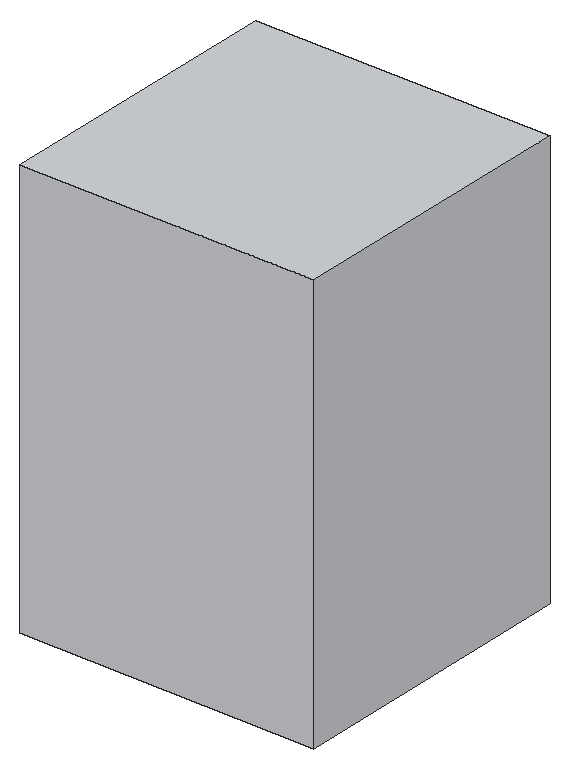
Revit family "Conexão de esgoto sanitário_M", category Terreno, Revit 2019
Family settings
  Cota do conector redondo = Usar raio
  Tipo de parte = Normal
  ID de item do Seek = Sanitary Sewer Connection-0000-CAN-ENU
  Com base no plano de trabalho = Não
  Sempre na vertical = Sim
  Corte com vazios quando carregada = Não
  Compartilhado = Não
Parameters (values of type "500 mmx500 mm")
  Largura = 700 mm
  Raio da saída [instance] = 100 mm
  Diâmetro da saída [instance] = 2 * Raio da saída  # 200 mm
  Comprimento = 700 mm
  Raio da embocadura [instance] = 100 mm
  Deslocamento inferior de entrada do nível [instance] = 800 mm
  Deslocamento superior da parede do nível [instance] = 200 mm
  Deslocamento inferior de saída do nível [instance] = 800 mm
  Diâmetro da embocadura [instance] = 2 * Raio da embocadura  # 200 mm
  Altura = 1000 mm
Types (4, lengths in mm): name | Largura | Raio da saída | Diâmetro da saída | Comprimento | Raio da embocadura | Deslocamento inferior de entrada do nível | Deslocamento inferior de saída do nível | Diâmetro da embocadura | Altura
  (no name) | 700 | 100 | 200 | 700 | 100 | 800 | 800 | 200 | 1000
  500 mmx500 mm | 700 | 100 | 200 | 700 | 100 | 800 | 800 | 200 | 1000
  600 mmx600 mm | 1100 | 150 | 300 | 1100 | 150 | 1050 | 1050 | 300 | 1250
  700 mmx700 mm | 1200 | 200 | 400 | 1200 | 200 | 1450 | 1450 | 400 | 1500
Reference planes
  plane 1 "Centro (Frente/Trás)": y = 0
  plane 2: z = 0
  plane 3 "Centro (Esquerda/Direita)": x = 0
  plane 4: z = -700
  plane 5: x = 700
  plane 6: z = -200
  plane 7: z = -1200
  plane 8: y = 350
  plane 9: y = -350
  plane 10: z = -700
  plane 11: z = -800
  plane 12: z = -800
  plane 13: x = 350
Forms (mm)
  Extrusion 1, solid
    sketch origin (0, 0, 0) x (1, 0, 0) y (0, 0, 1)
      loop
        line (0, -200) -> (0, -1200) -> (700, -1200) -> (700, -200) -> (0, -200)
    from -350 to 350
  Extrusion 2, solid
    sketch origin (0, 0, 0) x (0, 1, 0) y (0, 0, 1)
      loop
        circle (0, -700) r 100
    from 0 to 304.8
  Extrusion 3, solid
    sketch origin (0, 0, 0) x (0, 1, 0) y (0, 0, 1)
      loop
        circle (0, -700) r 100
    from 563.01 to 700
Cuts and joins
  joined: Extrusion 1, Extrusion 2, Extrusion 3
Dimensions and locks
  "Comprimento": plane 5 to plane 3 "Centro (Esquerda/Direita)"
  "Altura": plane 6 to plane 7
  equal spacing: plane 9, plane 1 "Centro (Frente/Trás)", plane 8
  "Largura": plane 8 to plane 9
  "Deslocamento superior da parede do nível": plane 2 to plane 6
  "Raio da embocadura": plane 10 to plane 11
  "Raio da saída": plane 4 to plane 12
  "Deslocamento inferior de entrada do nível": plane 2 to plane 11
  "Deslocamento inferior de saída do nível": plane 2 to plane 12
  equal spacing: plane 3 "Centro (Esquerda/Direita)", plane 13, plane 5
  "Raio da embocadura": radius of Extrusion 2 sketch curve
  "Raio da saída": radius of Extrusion 3 sketch curve
  aligned and locked: level to plane 2
  aligned and locked: plane 3 "Centro (Esquerda/Direita)" to Extrusion 1 sketch curve
  aligned and locked: Extrusion 1 sketch curve to plane 6
  aligned and locked: plane 7 to Extrusion 1 sketch curve
  aligned and locked: Extrusion 1 sketch curve to plane 5
  aligned and locked: plane 8 to Extrusion 1
  aligned and locked: Extrusion 1 to plane 9
  aligned and locked: plane 10 to Extrusion 2 sketch curve
  aligned and locked: plane 1 "Centro (Frente/Trás)" to Extrusion 2 sketch curve
  aligned and locked: plane 4 to Extrusion 3 sketch curve
  aligned and locked: plane 1 "Centro (Frente/Trás)" to Extrusion 3 sketch curve
  aligned and locked: Extrusion 2 to plane 3 "Centro (Esquerda/Direita)"
  aligned and locked: plane 5 to Extrusion 3
  aligned and locked: plane 13 to nested 1
  aligned and locked: plane 1 "Centro (Frente/Trás)" to nested 1
Nested families
  nested 1: "Símbolo" at (350, 0, 0), type "Símbolo"
Connectors
  piping at (0, 0, -700), diameter 200, driven by "Raio da embocadura"
    settings: on Extrusion 2, index 1, connector inside diameter 200 mm, connector length 0 mm, flow factor 0, pipe flow 0.0 L/s, pressure drop 0.0 Pa, fitting loss kfactor 0, connector angle 0.00°, fixture units 0, engagement length 0 mm, angle of deflection 0.00°, flow configuration 0, flow direction 1, fitting loss method 0, system type 29, joint type 0, gender type 0, connector reference index 2, connector utility 0, adjustable connector no, is connector primary yes, connector description "Entrada do sanitário"
  piping at (700, 0, -700), diameter 200, driven by "Raio da saída"
    settings: on Extrusion 3, index 2, connector inside diameter 200 mm, connector length 0 mm, flow factor 0, pipe flow 0.0 L/s, pressure drop 0.0 Pa, fitting loss kfactor 0, connector angle 0.00°, fixture units 0, engagement length 0 mm, angle of deflection 0.00°, flow configuration 0, flow direction 2, fitting loss method 0, system type 29, joint type 0, gender type 0, connector reference index 1, connector utility 1, adjustable connector no, is connector primary no, connector description "Saída do sanitário"
Definition of nested family "Símbolo"
  Reference planes
    plane 1: y = 0
    plane 2: x = 0
  Text (mm)
    text "Sanitário" at (-5.778, 1.923, 0)
